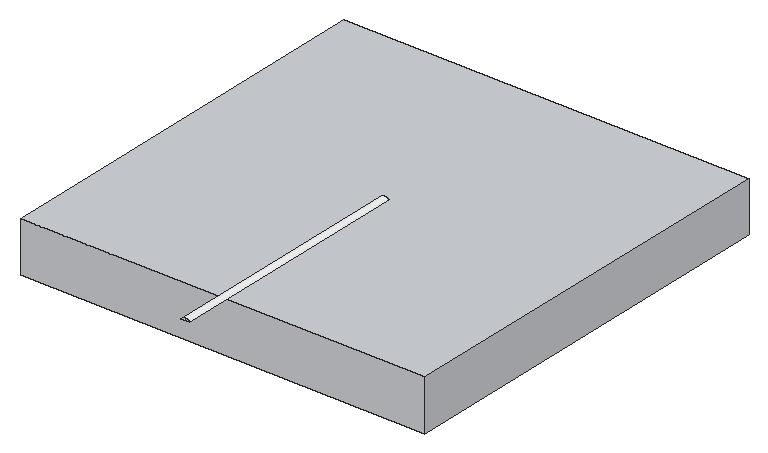
Revit family "Legrand Benelux Floor Trunking", category Installations électriques, Revit 2020
Family settings
  Hôte = Face
  Conserver l'orientation des annotations = Non
  Cote de connecteur circulaire = Utiliser le diamètre
  Type d'élément = Normal
  Couper avec des vides une fois chargée = Non
  Partagée = Non
  Point de calcul de pièce = Non
Parameters (values of type "Floor duct 75X18 2M White")
  Standard = "Snap-on-ON_UNIVERSAL"
  Modèle = "LG-030088"
  Matériau = Legrand - Plastique blanc
  Main Material = "Plastic"
  L2 [instance] = if(L1 = 2000 mm, 1999 mm, 2000 mm)  # 2000 mm
  L1 [instance] = 1500 mm
  Finishing = "White"
  Fabricant = "LEGRAND"
  Default Elevation = 0 mm
  Description = "floor duct 75x18 2m White"
Types (3, lengths in mm): name | Modèle | Matériau | Finishing | Description
  (no name) | "LG-030090" | Legrand - Plastique noir | "White" | "floor duct 75x18 2m White"
  Floor duct 75X18 2M White | "LG-030088" | Legrand - Plastique blanc | "White" | "floor duct 75x18 2m White"
  Floor duct 75X18 2M Black | "LG-030090" | Legrand - Plastique noir | "Black" | "floor duct 75x18 2m Black"
Reference planes
  plane 1 "Centre (avant/arrière)": y = 0
  plane 2: z = 0
  plane 3 "Centre (gauche/droite)": x = 0
  plane 4: y = -1500
  plane 5: y = -2000
Forms (mm)
  Extrusion 1, solid
    sketch origin (0, 0, 0) x (1, 0, 0) y (0, 1, 0)
      loop
        line (-1219.2, 1219.2) -> (-1219.2, -1219.2) -> (1219.2, -1219.2) -> (1219.2, 1219.2) -> (-1219.2, 1219.2)
    from 0 to -304.8
  Extrusion 2, solid, material "Legrand - Plastique blanc" <- "Matériau"
    sketch origin (0, 0, 0) x (1, 0, 0) y (0, 0, 1)
      loop
        arc (25, 0) -> (0, 12.11) -> (-25, 0) r 31.86
        line (-25, 0) -> (25, 0)
    from 0 to 1500
  Extrusion 3, void
    sketch origin (0, 0, 0) x (1, 0, 0) y (0, 1, 0)
      loop
        line (-25, -1500) -> (-25, -2000) -> (35, -2000) -> (35, -1500) -> (-25, -1500)
    from 0 to 250
Cuts and joins
  Extrusion 3 cuts Extrusion 2
Dimensions and locks
  "L1": plane 4 to plane 1 "Centre (avant/arrière)"
  "L2": plane 5 to plane 1 "Centre (avant/arrière)"
  aligned and locked: plane 2 to Extrusion 1
  aligned and locked: level to Extrusion 1
  aligned and locked: Extrusion 2 to plane 4
  aligned and locked: Extrusion 3 sketch curve to plane 4
  aligned and locked: plane 5 to Extrusion 3 sketch curve
Automatic sketch dimensions
  Extrusion 1 sketch curve to Extrusion 1 sketch curve = 2438.4 mm  (x2)
  Extrusion 2 sketch curve to level = 0 mm
  Extrusion 2 sketch curve to plane 3 "Centre (gauche/droite)" = 0 mm
  Extrusion 2 sketch curve to plane 3 "Centre (gauche/droite)" = 25 mm
  Extrusion 2 sketch curve to level = 19.749 mm
  Extrusion 3 sketch curve to plane 3 "Centre (gauche/droite)" = 25 mm
  plane 3 "Centre (gauche/droite)" to Extrusion 3 sketch curve = 35 mm
